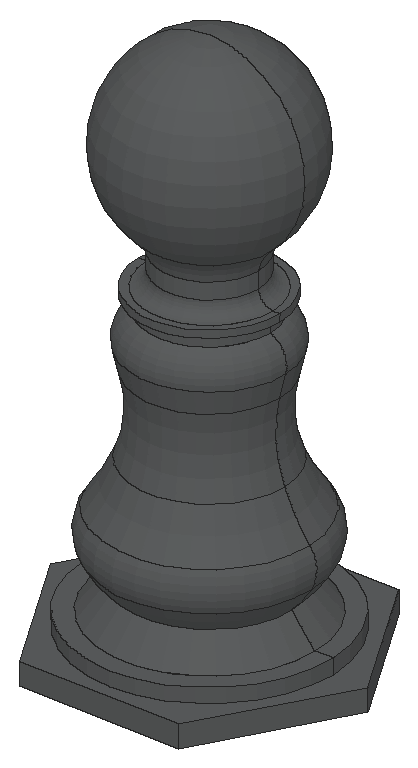
Revit family "Чугунный тротуарный столбик «Пешка» (малый)", category Антураж, Revit 2017
Family settings
  На основе рабочей плоскости = Нет
  Всегда вертикально = Да
  При загрузке вырезать с полостями = Нет
  Источник визуального образа = Геометрия семейства
  Общий = Нет
  Точка расчета площади = Нет
Parameters (values of type "Чугунный тротуарный столбик «Пешка» (малый)")
  Стоимость = 6480
  Изготовитель = "ООО \"Хоббика\""
  Высота = 0 mm
  URL = "https://hobbyka.ru/product/chugunnyy_trotuarnyy_stolbik_peshka_malyy/?sphrase_id=70644"
  ADSK_Размер_Ширина = 230 mm
  ADSK_Размер_Длина = 200 mm
  ADSK_Размер_Высота = 400 mm
  ADSK_Наименование = "Чугунный тротуарный столбик «Пешка» (малый)"
  ADSK_Материал парковочного столба = Чугун, серый
  ADSK_Код изделия = "9883"
Reference planes
  plane 1 "По центру (Вперед/Назад)": y = 0
  plane 2: z = 0
  plane 3 "По центру (Влево/Вправо)": x = 0
Forms (mm)
  Revolve 1, solid, material "Чугун, серый" <- "ADSK_Материал парковочного столба"
    sketch origin (0, 0, 0) x (1, 0, 0) y (0, 0, 1)
      loop
        line (0, 15.754) -> (0, 399.997)
        arc (0, 399.997) -> (-65.283, 353.412) -> (-45.704, 275.64) r 71.14
        arc (-45.704, 275.64) -> (-39.306, 268.324) -> (-35.77, 259.272) r 28.219
        arc (-35.77, 259.272) -> (-35.859, 253.391) -> (-35.77, 247.51) r 195.238
        arc (-35.77, 247.51) -> (-38.581, 240.046) -> (-45.83, 236.722) r 10.48
        line (-45.83, 236.722) -> (-51.437, 236.722) -> (-51.437, 231.471) -> (-47.587, 231.471)
        arc (-47.587, 231.471) -> (-45.359, 230.548) -> (-44.437, 228.32) r 3.151
        line (-44.437, 228.32) -> (-44.437, 222.018)
        arc (-44.437, 222.018) -> (-53.907, 212.211) -> (-55.482, 198.67) r 21.281
        arc (-55.482, 198.67) -> (-53.566, 190.352) -> (-51.381, 182.101) r 263.612
        arc (-51.381, 182.101) -> (-48.322, 153.478) -> (-54.599, 125.383) r 88.614
        arc (-54.599, 125.383) -> (-62.742, 108.768) -> (-73.204, 93.507) r 127.44
        arc (-73.204, 93.507) -> (-77.732, 79.49) -> (-74.193, 65.191) r 26.883
        arc (-74.193, 65.191) -> (-67.768, 55.695) -> (-60, 47.261) r 76.781
        line (-60, 47.261) -> (-76.782, 26.256) -> (-90, 26.256) -> (-90, 15.754) -> (0, 15.754)
      axis (0, 399.997) -> (0, 15.754)
    angle from 0 to 360
  Extrusion 2, solid, material "Чугун, серый" <- "ADSK_Материал парковочного столба"
    sketch origin (0, 0, 0) x (1, 0, 0) y (0, 1, 0)
      loop
        line (57.5, 99.593) -> (-57.5, 99.593) -> (-115, 0) -> (-57.5, -99.593) -> (57.5, -99.593) -> (115, 0) -> (57.5, 99.593)
    from 0 to 15.754
Dimensions and locks
  aligned and locked: level to plane 2
